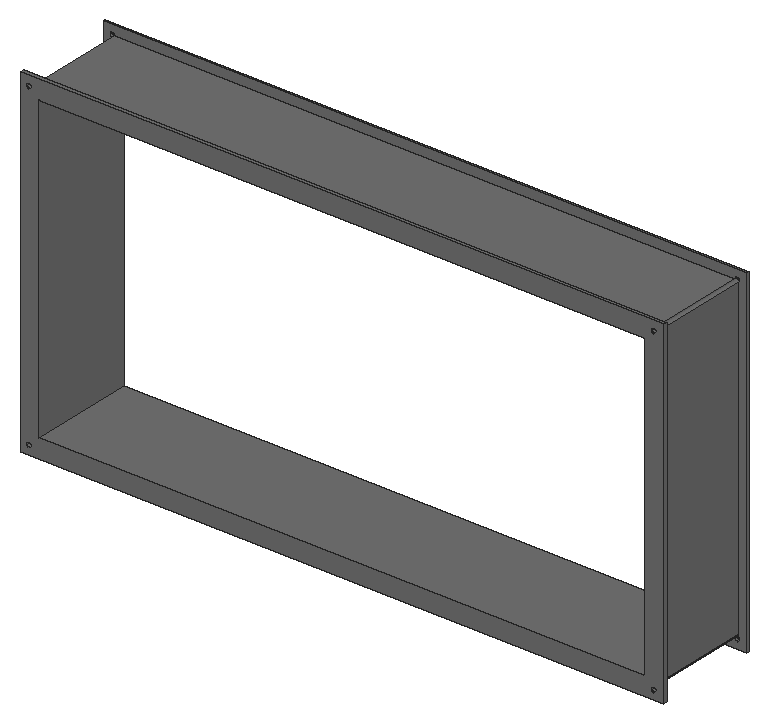
Revit family "1.1.Гибкие вставки WG", category Оборудование, Revit 2016
Family settings
  Тип детали = Нормальный
  Размер круглого соединителя = Использовать диаметр
  На основе рабочей плоскости = Нет
  Всегда вертикально = Да
  При загрузке вырезать с полостями = Нет
  Общий = Нет
  Точка расчета площади = Нет
Parameters (values of type "100-50")
  ножки(да/нет) [instance] = no
  Ширина = А2  # 1000 mm
  Частотный преобразователь [instance] = no
  Частота вращения n, об/мин = ""
  Тип, марка, обозначение = "WG 100-50"
  Сила тока J, А = ""
  Регулятор расхода [instance] = no
  Раздел = "ОВ"
  Примечание = ""
  Позиция = ""
  Напряжение U,В = ""
  Наименование и тех.хар-ка = "Гибкая вставка"  # constant formula
  Мощность двигателя N,Вт = ""
  Материал = Резина
  Масса единицы = "6.4 кг"
  Б2 = 500 mm
  Б1 = 530 mm
  d = 8 mm
  Код, оборудования = ""
  Ключевая пометка = "Вентиляция"
  Задание электрикам [instance] = no
  Задание автоматчикам [instance] = no
  Завод изготовитель = "KORF"  # constant formula
  Единица измерения = "шт."  # constant formula
  Д = 175 mm
  Высота = Б2  # 500 mm
  Б = 560 mm
  А2 = 1000 mm
  А1 = 1030 mm
  А = 1060 mm
Types (9, lengths in mm): name | Ширина | Тип, марка, обозначение | Масса единицы | Б2 | Б1 | Д | Высота | Б | А2 | А1 | А
  50-25 | 500 | "WG 50-25" | "3.2 кг" | 250 | 270 | 172 | 250 | 290 | 500 | 520 | 540
  50-30 | 500 | "WG 50-30" | "3.4 кг" | 300 | 320 | 172 | 300 | 340 | 500 | 520 | 540
  40-20 | 400 | "WG 40-20" | "2.7 кг" | 200 | 220 | 172 | 200 | 240 | 400 | 420 | 440
  60-30 | 600 | "WG 60-30" | "3.8 кг" | 300 | 320 | 172 | 300 | 340 | 600 | 620 | 640
  60-35 | 600 | "WG 60-35" | "4.1 кг" | 350 | 370 | 172 | 350 | 390 | 600 | 620 | 640
  70-40 | 700 | "WG 70-40" | "4.6 кг" | 400 | 420 | 172 | 400 | 440 | 700 | 720 | 740
  80-50 | 800 | "WG 80-50" | "5.2 кг" | 500 | 520 | 172 | 500 | 540 | 800 | 820 | 840
  90-50 | 900 | "WG 90-50" | "6 кг" | 500 | 530 | 175 | 500 | 560 | 900 | 930 | 960
  100-50 | 1000 | "WG 100-50" | "6.4 кг" | 500 | 530 | 175 | 500 | 560 | 1000 | 1030 | 1060
Reference planes
  plane 1 "По центру (Вперед/Назад)": y = 0
  plane 2: z = 0
  plane 3 "По центру (Влево/Вправо)": x = 0
  plane 4: x = 530
  plane 5: x = -530
  plane 6: y = -87.5
  plane 7: y = 87.5
  plane 8: z = 280
  plane 9: z = -280
  plane 10: x = -515
  plane 11: x = 515
  plane 12: z = -265
  plane 13: z = 265
  plane 14: x = -500
  plane 15: x = 500
  plane 16: z = -250
  plane 17: z = 250
  plane 18: y = -72.5
  plane 19: y = 72.5
Forms (mm)
  Extrusion 1, void, not visible
    sketch origin (-345, -245, 50) x (0, -1, 0) y (0, 0, -1)
      loop
        line (-477.965, -475) -> (-477.965, -450) -> (-528.913, -450) -> (-528.913, -475) -> (-477.965, -475)
    from -47.452 to 12
  Extrusion 2, solid, material "Резина" <- "Материал", detail levels fine
    sketch origin (0, 0, 0) x (1, 0, 0) y (0, 0, 1)
      loop
        line (-530, 280) -> (-530, -280) -> (530, -280) -> (530, 280) -> (-530, 280)
    from -87.5 to 87.5
  Sweep 3, void, detail levels fine
    path in 3D
      loop
        line (530, 87.5, 280) -> (530, 87.5, -280) -> (-530, 87.5, -280) -> (-530, 87.5, 280) -> (530, 87.5, 280)
    profile origin (0, 87.5, 280) x (0, 1, 0) y (0, 0, 1)
      loop
        line (-3.089, 0) -> (-168.714, 0) -> (-168.714, -15) -> (-3.089, -15) -> (-3.089, 0)
  Extrusion 4, void
    sketch origin (0, 0, 0) x (1, 0, 0) y (0, 0, 1)
      loop
        circle (-515, 265) r 4
      loop
        circle (515, 265) r 4
      loop
        circle (515, -265) r 4
      loop
        circle (-515, -265) r 4
    from -87.5 to 87.5
  Extrusion 5, void
    sketch origin (0, 0, 0) x (1, 0, 0) y (0, 0, 1)
      loop
        line (-500, 250) -> (-500, -250) -> (500, -250) -> (500, 250) -> (-500, 250)
    from -87.5 to 87.5
  Extrusion 6, solid, material "Резина" <- "Материал", detail levels coarse
    sketch origin (0, 0, 0) x (1, 0, 0) y (0, 1, 0)
      loop
        line (-530, 87.5) -> (-530, -87.5) -> (530, -87.5) -> (530, 87.5) -> (-530, 87.5)
    from 0 to 1
  Extrusion 7, solid, material "Резина" <- "Материал", detail levels medium
    sketch origin (0, 0, 0) x (0, 1, 0) y (0, 0, 1)
      loop
        line (87.5, 280) -> (-87.5, 280) -> (-87.5, -280) -> (87.5, -280) -> (87.5, 280)
    from 0 to 1
Cuts and joins
  Sweep 3, Extrusion 4, Extrusion 5 cuts Extrusion 2
Lines and regions (mm)
  sketch lines
    curve 1: line (-530, 87.5, 280) -> (530, 87.5, 280)
    curve 2: line (-530, 87.5, -280) -> (-530, 87.5, 280)
    curve 3: line (530, 87.5, -280) -> (-530, 87.5, -280)
    curve 4: line (530, 87.5, 280) -> (530, 87.5, -280)
Dimensions and locks
  equal spacing: plane 7, plane 1 "По центру (Вперед/Назад)", plane 6
  "Д": plane 7 to plane 6
  equal spacing: plane 5, plane 3 "По центру (Влево/Вправо)", plane 4
  "А": plane 5 to plane 4
  equal spacing: plane 8, level, plane 9
  "Б": plane 8 to plane 9
  equal spacing: plane 11, plane 3 "По центру (Влево/Вправо)", plane 10
  equal spacing: plane 13, level, plane 12
  "Б1": plane 13 to plane 12
  "А1": plane 11 to plane 10
  equal spacing: plane 15, plane 3 "По центру (Влево/Вправо)", plane 14
  "А2": plane 15 to plane 14
  equal spacing: plane 17, level, plane 16
  "Б2": plane 17 to plane 16
  locked: plane 18 to plane 6 at 15
  locked: plane 7 to plane 19 at 15
  "d": diameter of Extrusion 4 sketch curve  (x4)
  aligned and locked: level to plane 2
  aligned and locked: plane 7 to Extrusion 2
  aligned and locked: plane 4 to Extrusion 2
  aligned and locked: Extrusion 2 to plane 6
  aligned and locked: Extrusion 2 to plane 5
  aligned and locked: Extrusion 2 to plane 8
  aligned and locked: Extrusion 2 to plane 9
  aligned and locked: Extrusion 2 to Extrusion 4  (x2)
  aligned and locked: Extrusion 2 to Extrusion 5
  aligned and locked: cut or joined group of Extrusion 2, Sweep 3, Extrusion 4, Extrusion 5 to plane 17
  aligned and locked: cut or joined group of Extrusion 2, Sweep 3, Extrusion 4, Extrusion 5 to plane 15
  aligned and locked: cut or joined group of Extrusion 2, Sweep 3, Extrusion 4, Extrusion 5 to plane 16
  aligned and locked: cut or joined group of Extrusion 2, Sweep 3, Extrusion 4, Extrusion 5 to plane 14
  aligned and locked: plane 7 to cut or joined group of Extrusion 2, Sweep 3, Extrusion 4, Extrusion 5
  aligned and locked: Extrusion 6 sketch curve to cut or joined group of Extrusion 2, Sweep 3, Extrusion 4, Extrusion 5  (x4)
  aligned and locked: Extrusion 7 sketch curve to cut or joined group of Extrusion 2, Sweep 3, Extrusion 4, Extrusion 5  (x4)
Automatic sketch dimensions
  Extrusion 2 sketch curve to plane 5 = 0 mm
  Extrusion 2 sketch curve to plane 4 = 0 mm
  Extrusion 2 sketch curve to plane 9 = 0 mm
  Extrusion 2 sketch curve to plane 8 = 0 mm
  Sweep 3 sketch curve to profile plane = 0 mm
  profile plane to Sweep 3 sketch curve = 168.714 mm
  profile plane to Sweep 3 sketch curve = 3.089 mm
  Sweep 3 sketch curve to profile plane = 15 mm
  Extrusion 5 sketch curve to plane 14 = 0 mm
  Extrusion 5 sketch curve to plane 15 = 0 mm
  Extrusion 5 sketch curve to plane 16 = 0 mm
  Extrusion 5 sketch curve to plane 17 = 0 mm
  Extrusion 4 sketch curve to plane 10 = 0 mm  (x2)
  Extrusion 4 sketch curve to plane 11 = 0 mm  (x2)
  Extrusion 4 sketch curve to plane 12 = 0 mm  (x2)
  Extrusion 4 sketch curve to plane 13 = 0 mm  (x2)
Nested families
  nested 1: "крепление 15мм" at (-330, 229.965, 495), type "крепление 15мм", not visible
Connectors
  hvac at (0, -87.5, 0), driven by "Высота", driven by "Ширина"
    settings: on cut or joined group of Extrusion 2, Sweep 3, Extrusion 4, Extrusion 5, index 1, duct flow 0.0 L/s, flow factor 0, pres drop 0.0 Pa, loss coef 0, conn angle 0.00°, conn width 1000 mm, conn height 500 mm, conn diameter 609.6 mm, duct sys type 28, conn prof type 1, flow config 0, flow direction 0, loss method 0, conn ref index 2, conn util no, is conn primary yes, conn desc ""
  hvac at (0, 87.5, 0), driven by "Высота", driven by "Ширина"
    settings: on cut or joined group of Extrusion 2, Sweep 3, Extrusion 4, Extrusion 5, index 2, duct flow 0.0 L/s, flow factor 0, pres drop 0.0 Pa, loss coef 0, conn angle 0.00°, conn width 1000 mm, conn height 500 mm, conn diameter 609.6 mm, duct sys type 28, conn prof type 1, flow config 0, flow direction 0, loss method 0, conn ref index 1, conn util no, is conn primary no, conn desc ""
Definition of nested family "крепление 15мм"
  Parameters (values of type "крепление 15мм")
    Материал крепления = none
  Reference planes
    plane 1 "По центру (Вперед/Назад)": y = 0
    plane 2: z = 0
    plane 3 "По центру (Влево/Вправо)": x = 0
  Forms (mm)
    Extrusion 1, solid, material <- "Материал крепления"
      sketch origin (0, 0, 0) x (1, 0, 0) y (0, 1, 0)
        loop
          line (-25, 0) -> (0, 0) -> (0, 18.31) -> (0, 25) -> (-3, 25) -> (-3, 3) -> (-25, 3) -> (-25, 0)
      from 0 to 30
    Extrusion 2, void
      sketch origin (0, 0, 0) x (1, 0, 0) y (0, 1, 0)
        loop
          line (-3, 3) -> (-3, 54.96) -> (-58, 54.96) -> (-58, 3) -> (-3, 3)
      from 0 to 15
  Cuts and joins
    Extrusion 2 cuts Extrusion 1
  Dimensions and locks
    Extrusion 1 sketch curve to Extrusion 1 sketch curve = 3 mm  (x2)
    Extrusion 1 sketch curve to Extrusion 1 sketch curve to plane 3 "По центру (Влево/Вправо)" = 25 mm, 0 mm
    Extrusion 1 sketch curve to Extrusion 1 sketch curve = 25 mm
    aligned and locked: level to plane 2
